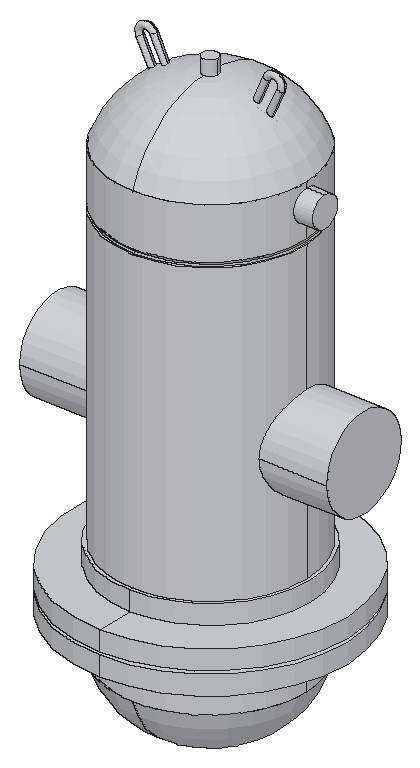
Revit family "WVA-4-NPT", category Mechanical Equipment, Revit 2014
Parameters (values of type "WVA-4-NPT")
  SideDrainExtrusion = CylinderHalfLength * 0.13123  # 0.8858"
  PipeConnectorDiameter = 4"
  PartNumber = "72080040"
  MaximumOperatingTemperature = "240°F"
  MaximumOperatingPressure = "125 PSIG"
  MaximumFlow = "255 GPM"
  HookWidth = 3/4"
  SideFlangeThickness1 = 101/256"
  SideFlangeThickness = 111/128"
  LeftHookDistance = 0.35916"
  TopExtrusionDiameter = A * 0.1111  # 1.49985"
  SideFlangeStep2 = 9 7/128"
  SideFlangeStep1 = 5 81/256"
  PipeDiameter = 4 1/2"
  HookTopDistance = B * 0.01386  # 0.40194"
  HookDistance = A * 0.19597  # 2.6456"
  URL = "http://westank.com/"
  TotalHeight = B * 0.1364  # 3.9556"
  Step5Diameter = A * 0.21818  # 2.94544"
  Step4Diameter = A * 0.25455  # 3.43636"
  Step3Diameter = A * 0.18182  # 2.45457"
  Step2Diameter = A * 0.10909  # 1.47272"
  Step1Diameter = A * 0.05454  # 0.73629"
  RingDistance = B * 0.19599  # 5.68371"
  RevolveRadius = CylindarDia / 2  # 4.725"
  Model = "WVA-4"
  Manufacturer = "Wessels Company"
  HookDiameter = A * 0.0223  # 0.30105"
  Height2 = B * 0.00547  # 0.15863"
  Height1 = B * 0.03268  # 0.94772"
  D = 14 1/2"
  CylinderHeight = B * 0.781  # 22.649"
  CylinderHalfLength = A / 2  # 6 3/4"
  CouplingHeight = B * 0.15525  # 4.50225"
  C = 15"
  BottomRevolveHeight = B * 0.10886  # 3.15694"
  BottomExtrusionHeight = B * 0.01095  # 0.31755"
  B = 29"
  CylindarDia = A * 0.7  # 9.45"
  NumberOfArray = 9
  ArrayRadius = CylindarDia * 0.62598  # 5.91555"
  ApproximateShipmentWeight = "250 lbs"
  A = 13 1/2"
Types (2): name
  WVA-4-NPT
  WVA-4
Reference planes (in)
  plane 1: z = 0
  plane 2 "Center (Left/Right)": x = 0
  plane 3: x = -4.725
  plane 4: y = 1.09449
  plane 5: y = -3.63051
  plane 6: x = 4.725
  plane 7: z = 29
  plane 8: z = 14.5
  plane 9: y = -8.35551
  plane 10: z = 25.8245
  plane 11: z = 3.1755
  plane 12: y = -4.13051
  plane 13: y = -3.13051
  plane 14: z = 25.33017
  plane 15: z = 24.33017
  plane 16: z = 24.83017
  plane 17: x = 6.75
  plane 18: z = 23.31629
  plane 19: z = 23.06629
  plane 20: x = 0
  plane 21: z = 3.67159
  plane 22: y = -10.38051
  plane 23: y = 3.11949
  plane 24: x = 5.225
  plane 25: z = 4.08442
  plane 26: z = 0.31755
  plane 27: z = 3.47449
  plane 28: y = -2.15551
  plane 29: y = -5.10551
  plane 30: x = -7.5
  plane 31: x = 7.5
  plane 32: z = 14.5
  plane 33: z = 37.625
  plane 34: x = 2
  plane 35: x = -2.03354
Forms (in)
  Extrusion 1, solid
    sketch origin (0, 0, 0) x (1, 0, 0) y (0, 1, 0)
      loop
        circle (0, -3.63051) r 4.725
    from 3.47449 to 25.8245
  Revolve 2, solid
    sketch origin (0, 0, 0) x (0, 1, 0) y (0, 0, 1)
      loop
        line (-3.63051, 25.8245) -> (-3.63051, 29)
        arc (-3.63051, 29) -> (-6.51023, 28.18184) -> (-8.35551, 25.8245) r 4.83266
        line (-8.35551, 25.8245) -> (-3.63051, 25.8245)
      axis (-3.63051, 29) -> (-3.63051, 25.8245)
    angle from 0 to 360
  Revolve 3, solid
    sketch origin (0, 0, 23) x (0, 1, 0) y (0, 0, 1)
      loop
        line (-3.63051, -19.52551) -> (-8.35551, -19.52551)
        arc (-8.35551, -19.52551) -> (-6.57374, -21.97315) -> (-3.63051, -22.68245) r 4.38413
        line (-3.63051, -22.68245) -> (-3.63051, -19.52551)
      axis (-3.63051, -22.68245) -> (-3.63051, -19.52551)
    angle from 0 to 360
  Extrusion 4, solid
    sketch origin (6.75, -180, 55.70663) x (0, 0, 1) y (0, -1, 0)
      loop
        circle (-30.87646, -176.36949) r 0.74993
    from -1.1392 to -2.27961
  Revolve 5, void
    sketch origin (0, 0, 0) x (0, 1, 0) y (0, 0, 1)
      loop
        line (1.14136, 23.38323) -> (1.00252, 23.18495) -> (1.00252, 23.06629) -> (1.14136, 23.06629) -> (1.14136, 23.38323)
      axis (-3.63051, 23.38323) -> (-3.63051, 23.06629)
    angle from 0 to 360
  Revolve 6, solid
    sketch origin (0, 0, 0) x (0, 1, 0) y (0, 0, 1)
      loop
        line (1.27519, 5.44997) -> (3.11949, 5.44997) -> (3.11949, 6.39769) -> (1.69769, 6.39769) -> (1.69769, 6.55632) -> (3.11949, 6.55632) -> (3.11949, 7.50404) -> (1.27519, 7.50404) -> (1.27519, 8.45785) -> (1.09449, 8.45785) -> (1.09449, 4.50225) -> (1.27519, 4.50225) -> (1.27519, 5.44997)
      axis (-3.63051, 8.45785) -> (-3.63051, 4.50225)
    angle from 0 to 360
  Extrusion 7, solid
    sketch origin (0, 0, 0) x (1, 0, 0) y (0, 1, 0)
      loop
        circle (0, -3.63051) r 0.36815
    from 0 to 0.31755
  Extrusion 8, solid
    sketch origin (0, 0, 0) x (0, 1, 0) y (0, 0, 1)
      loop
        circle (-3.63051, 14.5) r 2.25
    from -7.5 to 7.5
  Extrusion 9, solid
    sketch origin (-60.41868, -180, 29) x (-1, 0, 0) y (0, -1, 0)
      loop
        circle (-60.41868, -176.36949) r 0.36815
    from 0 to 0.71071
  Sweep 10, solid
    path origin (-17.54862, -1.83476, 138.84748) x (0.404142, -0.033775, 0.914072) y (0.914594, 0, -0.404373)
      loop
        line (-92.98541, 62.71114) -> (-91.46355, 62.71114)
        arc (-91.46355, 62.71114) -> (-91.08855, 63.08614) -> (-91.46355, 63.46114) r 0.375
        line (-91.46355, 63.46114) -> (-92.98541, 63.46114)
    profile origin (2.53481, 1.2801, 29.18895) x (0.914594, 0, -0.404373) y (0.013658, 0.999429, 0.03089)
      loop
        circle (0, -4.875) r 0.15053
  Sweep 11, solid
    path origin (17.54862, -1.83476, 138.84748) x (-0.404142, -0.033775, 0.914072) y (0.914594, 0, 0.404373)
      loop
        line (-92.98541, -62.71114) -> (-91.46355, -62.71114)
        arc (-91.46355, -62.71114) -> (-91.08855, -63.08614) -> (-91.46355, -63.46114) r 0.375
        line (-91.46355, -63.46114) -> (-92.98541, -63.46114)
    profile origin (-2.53481, 1.2801, 29.18895) x (0.914594, 0, 0.404373) y (-0.013658, 0.999429, 0.03089)
      loop
        circle (0, -4.875) r 0.15053
Cuts and joins
  Revolve 5 cuts Extrusion 1
  joined: Extrusion 1, Revolve 3, Extrusion 4, Revolve 6, Extrusion 8
  joined: Revolve 2, Sweep 10, Sweep 11
Dimensions and locks (in)
  equal spacing: plane 6, plane 2 "Center (Left/Right)", plane 3
  "CylindarDia": plane 6 to plane 3
  equal spacing: plane 7, plane 8, level
  "B": plane 7 to level
  equal spacing: plane 3, plane 2 "Center (Left/Right)", plane 6
  plane 3 to plane 6 = 9.45"
  equal spacing: plane 4, plane 5, plane 9
  plane 4 to plane 9 = 9.45"
  "RevolveRadius": plane 9 to plane 5
  equal spacing: plane 10, plane 8, plane 11
  "CylinderHeight": plane 10 to plane 11
  equal spacing: plane 12, plane 5, plane 13
  plane 12 to plane 13 = 1"
  plane 14 to plane 15 = 1"
  equal spacing: plane 14, plane 16, plane 15
  plane 10 to plane 14 = 0.49433"
  locked: Extrusion 4 sketch curve to plane 5
  locked: Extrusion 4 sketch curve to plane 16 at 0
  locked: Revolve 5 sketch curve to Revolve 5 sketch curve at 0.13884
  locked: plane 18 to plane 19 at 0.25
  "RingDistance": plane 7 to plane 18
  locked: plane 21 to plane 11 at 0.49609
  plane 17 to plane 2 "Center (Left/Right)" = 6 3/4"
  equal spacing: plane 22, plane 5, plane 23
  "A": plane 22 to plane 23
  locked: plane 24 to plane 6 at 0.5
  Revolve 6 to plane 25 = 1.36555"
  "Height1": Revolve 6 sketch curve to Revolve 6 sketch curve  (x3)
  "Height2": Revolve 6 sketch curve to Revolve 6 sketch curve
  "TotalHeight": Revolve 6 sketch curve to Revolve 6 sketch curve
  "CouplingHeight": level to Revolve 6 sketch curve
  equal spacing: plane 29, plane 5, plane 28
  equal spacing: plane 31, plane 2 "Center (Left/Right)", plane 30
  "C": plane 31 to plane 30
  "D": plane 32 to level
  locked: plane 20 to Extrusion 9 sketch curve at 0
  locked: plane 5 to Extrusion 9 sketch curve at 0
  locked: plane 33 to plane 7 at 8.625
  "BottomExtrusionHeight": plane 26 to level
  "BottomRevolveHeight": plane 27 to plane 26
  locked: plane 20 to Extrusion 7 sketch curve at 0
  locked: Extrusion 7 sketch curve to plane 5 at 0
  plane 34 to plane 20 to plane 35 = 2", 2.03354"
  "SideDrainExtrusion": Extrusion 4 to plane 6
  "HookWidth": Sweep 10 sketch curve to Sweep 10 sketch curve
  "HookWidth": Sweep 11 sketch curve to Sweep 11 sketch curve
  "CylindarDia": diameter of Extrusion 1 sketch curve
  "TopExtrusionDiameter": diameter of Extrusion 4 sketch curve
  "Step1Diameter": diameter of Extrusion 9 sketch curve
  "PipeDiameter": diameter of Extrusion 8 sketch curve
  "Step1Diameter": diameter of Extrusion 7 sketch curve
  "HookDiameter": diameter of Sweep 10 sketch curve
  "HookDiameter": diameter of Sweep 11 sketch curve
  aligned and locked: level to plane 1
  aligned and locked: Revolve 2 sketch curve to Extrusion 1
  aligned and locked: plane 5 to Revolve 2 sketch curve  (x2)
  aligned and locked: Revolve 2 sketch curve to plane 5
  aligned and locked: Revolve 3 sketch curve to Extrusion 1
  aligned and locked: plane 5 to Revolve 3 sketch curve
  aligned and locked: plane 9 to Revolve 3 sketch curve
  aligned and locked: plane 9 to Revolve 2 sketch curve
  aligned and locked: plane 10 to Extrusion 1
  aligned and locked: Revolve 5 sketch curve to plane 19
  aligned and locked: plane 20 to plane 2 "Center (Left/Right)"
  aligned and locked: Revolve 6 sketch curve to Revolve 6 sketch curve
  aligned and locked: Revolve 6 sketch curve to plane 4
  aligned and locked: Revolve 6 sketch curve to plane 5
  aligned and locked: plane 23 to Revolve 6 sketch curve
  aligned and locked: Revolve 5 sketch curve to plane 5
  aligned and locked: Extrusion 1 to plane 27
  aligned and locked: plane 26 to Extrusion 7
  aligned and locked: Extrusion 7 to level
  aligned and locked: Extrusion 9 to plane 7
  aligned and locked: cut or joined group of Extrusion 1, Revolve 3, Extrusion 4, Revolve 5, Revolve 6, Extrusion 8 to plane 30
  aligned and locked: plane 31 to cut or joined group of Extrusion 1, Revolve 3, Extrusion 4, Revolve 5, Revolve 6, Extrusion 8
Automatic sketch dimensions
  Revolve 3 sketch curve to plane 5 = 0"
  Revolve 3 sketch curve to plane 26 = 0"  (x2)
  Revolve 3 sketch curve to plane 27 = 0"
  Revolve 3 sketch curve to plane 12 = 0.00764"
  Revolve 5 sketch curve to plane 4 = 0.09196"
  plane 19 to Revolve 5 sketch curve = 0.11866"
  plane 18 to Revolve 5 sketch curve = 0.06694"
  Revolve 5 sketch curve to level = 12"
  plane 33 to Revolve 5 sketch curve = 64 1/4"
  Revolve 2 sketch curve to plane 10 = 0"
  Revolve 2 sketch curve to plane 7 = 0"
  Revolve 2 sketch curve to plane 15 = 0.15932"
  plane 7 to Revolve 2 sketch curve = 2.7327"
  Extrusion 1 sketch curve to plane 2 "Center (Left/Right)" = 0"
  Extrusion 1 sketch curve to plane 5 = 0"
  Revolve 6 sketch curve to plane 4 = 0"
  Revolve 6 sketch curve to Revolve 6 sketch curve = 0.1807"  (x2)
  plane 4 to Revolve 6 sketch curve = 0.6032"
  Revolve 6 sketch curve to level = 12"
  plane 33 to Revolve 6 sketch curve = 64 3/8"
  Extrusion 8 sketch curve to plane 5 = 0"
  Extrusion 8 sketch curve to plane 8 = 0"
  Sweep 10 sketch curve to Sweep 10 sketch curve = 1.52185"
  Sweep 10 sketch curve to Sweep 10 sketch curve = 0"
  Sweep 10 sketch curve to profile plane = 0"
  Sweep 10 sketch curve to profile plane = 4 7/8"
  Sweep 11 sketch curve to Sweep 11 sketch curve = 1.52185"
  Sweep 11 sketch curve to Sweep 11 sketch curve = 0"
  profile plane to Sweep 11 sketch curve = 0"
  Sweep 11 sketch curve to profile plane = 4 7/8"
Connectors (in)
  piping at (-7.5, -3.63051, 14.5), diameter 4, driven by "PipeConnectorDiameter"
    settings: on cut or joined group of Extrusion 1, Revolve 3, Extrusion 4, Revolve 5, Revolve 6, Extrusion 8, index 1, connector inside diameter 24", connector length 0", flow factor 0, pipe flow 0 GPM, pressure drop 0.00 psi, fitting loss kfactor 0, connector angle 0.00°, fixture units 0, engagement length 0", angle of deflection 0.00°, flow configuration 0, flow direction 0, fitting loss method 0, system type 7, joint type 0, gender type 0, connector reference index 2, connector utility 0, adjustable connector no, is connector primary yes, connector description ""
  piping at (7.5, -3.63051, 14.5), diameter 4, driven by "PipeConnectorDiameter"
    settings: on cut or joined group of Extrusion 1, Revolve 3, Extrusion 4, Revolve 5, Revolve 6, Extrusion 8, index 2, connector inside diameter 24", connector length 0", flow factor 0, pipe flow 0 GPM, pressure drop 0.00 psi, fitting loss kfactor 0, connector angle 0.00°, fixture units 0, engagement length 0", angle of deflection 0.00°, flow configuration 0, flow direction 0, fitting loss method 0, system type 7, joint type 0, gender type 0, connector reference index 1, connector utility 0, adjustable connector no, is connector primary no, connector description ""
